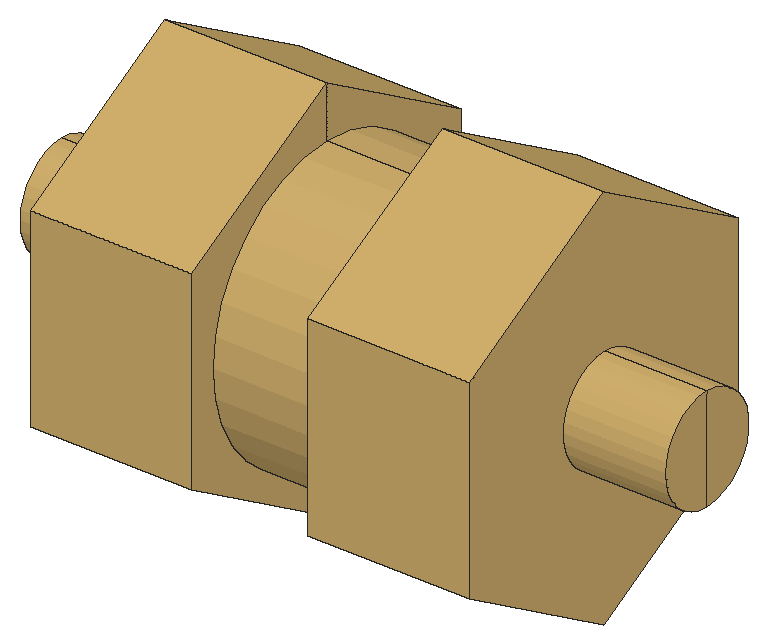
Revit family "Check_Valve-Acorn-Controls-CV_Series", category Pipe Accessories, Revit 2019
Family settings
  Round Connector Dimension = Use Diameter
  Part Type = Normal
  OmniClass Number = 23.65.55.14.17
  OmniClass Title = Adjusting/Controlling Valves for Liquid Services
  Work Plane-Based = No
  Always vertical = Yes
  Cut with Voids When Loaded = No
  Shared = Yes
Parameters (values of type "CV-1AA0")
  Water Supply Pressure = "400psi (27.6bar)"
  URL = "https://www.acorneng.com/acorn-controls-tempering-valves"
  Temperature Range = "180°F (82.2°C)"
  Pressure Rating = "125 PSI (862 kPa)"
  Model = "CV-1AA0"
  Material = "Metal-Mueller_Steam-Bronze"  # constant formula
  Manufacturer = "Acorn Engineering"  # constant formula
  Length A = 1 1/8"
  Flow Coefficient Cv = "5.9"
  Finish = Metal-Acorn-Lead Free
  Length B = 1"
  F-Strainer/Filter Included = no
  Description = "105MAP-FV Cast Iron Globe Check Style Foot Valve Assembly Sizes: 2\" – 24\" (50 – 600mm)"
  Creation Date = "11/04/2022"  # constant formula
  Connection Size = 1/2"
  Connection Radius = Connection Size / 2  # 1/4"
  Connection Outlet Description = "1/2\" Sweat Outlet Connection"
  Connection Inlet Description = "1/2\" Sweat Inlet Connection"
  Length C = 1 5/8"
  Assembly Code = "D2090600"
  Angle Lock = 60.00°
  Adapter E Press Fit = no
  Adapter D CPVC = no
  Adapter C PEX = no
  Adapter B NPTF = no
  Adapter A Sweat = no
  Adapter 0 None = no
  0-No Strainer/Filter Included = no
Types (6): name | Model | Length A | Flow Coefficient Cv | Length B | Connection Size | Connection Radius | Connection Outlet Description | Connection Inlet Description | Length C
  (no name) | "CV-1AA0" | 1 1/8" | "5.9" | 1" | 1/2" | 1/4" | "1/2\" Sweat Outlet Connection" | "1/2\" Sweat Inlet Connection" | 1 5/8"
  CV-1AA0 | "CV-1AA0" | 1 1/8" | "5.9" | 1" | 1/2" | 1/4" | "1/2\" Sweat Outlet Connection" | "1/2\" Sweat Inlet Connection" | 1 5/8"
  CV-2BB0 | "CV-2BB0" | 1 1/8" | "6.1" | 7/8" | 3/4" | 3/8" | "3/4\" NPTF  Outlet Connection" | "3/4\" NPTF Inlet Connection" | 1 5/8"
  CV-3CC0 | "CV-3CC0" | 1 3/8" | "9.8" | 1 1/8" | 1" | 1/2" | "1\" PEX  Outlet Connection" | "1\" PEX Inlet Connection" | 1 7/8"
  CV-4DD0 | "CV-4DD0" | 1 7/8" | "21.0" | 1 1/4" | 1 1/4" | 5/8" | "1 1/4\" CPVC  Outlet Connection" | "1 1/4\" CPVC Inlet Connection" | 2 3/8"
  CV-5EE0 | "CV-5EE0" | 1 7/8" | "25.3" | 2" | 1 1/2" | 3/4" | "1 1/2\" Press Fit Outlet Connection" | "1 1/2\" Press Fit Inlet Connection" | 2 7/8"
Reference planes (in)
  plane 1 "Center (Front/Back)": y = 0
  plane 2: z = 0
  plane 3 "Center (Left/Right)": x = 0
  plane 4: x = -0.5625
  plane 5: x = 0.5625
  plane 6: x = -1.5625
  plane 7: x = 1.5625
  plane 8: y = -0.8125
  plane 9: y = 0.8125
  plane 10: through (0, -0.8125, 0.4691) normal (0, -0.5, 0.866)
  plane 11: through (0, 0, -0.93819) normal (0, -0.5, 0.866)
  plane 12: through (0, 0, 0) normal (0, -0.5, 0.866)
  plane 13: through (0, 0.8125, 0.4691) normal (0, -0.5, -0.866)
  plane 14: through (0, 0, -0.93819) normal (0, -0.5, -0.866)
  plane 15: through (0, 0, 0) normal (0, -0.5, -0.866)
  plane 16: x = 1.0625
  plane 17: x = -1.0625
  plane 18: x = -0.28125
  plane 19: x = 0.28125
Forms (in)
  Extrusion 1, solid, material "Metal-Acorn-Lead Free" <- "Finish"
    sketch origin (0, 0, 0) x (0, 1, 0) y (0, 0, 1)
      loop
        line (-0.8125, -0.4691) -> (0, -0.93819) -> (0.8125, -0.4691) -> (0.8125, 0.4691) -> (0, 0.93819) -> (-0.8125, 0.4691) -> (-0.8125, -0.4691)
    from -1.0625 to 1.0625
  Revolve 2, solid, material "Metal-Acorn-Lead Free" <- "Finish"
    sketch origin (0, 0, 0) x (1, 0, 0) y (0, 0, 1)
      loop
        line (-1.5625, 0) -> (1.5625, 0) -> (1.5625, 0.25) -> (-1.5625, 0.25) -> (-1.5625, 0)
      axis (-1.5625, 0) -> (1.5625, 0)
    angle from 0 to 360
  Revolve 3, void
    sketch origin (0, 0, 0) x (1, 0, 0) y (0, 0, 1)
      loop
        line (-0.28125, 0.93819) -> (-0.28125, 0.68819) -> (0.28125, 0.68819) -> (0.28125, 0.93819) -> (-0.28125, 0.93819)
      axis (-0.28125, 0) -> (0.28125, 0)
    angle from 0 to 360
Cuts and joins
  Revolve 3 cuts Extrusion 1
Dimensions and locks (in)
  equal spacing: plane 5, plane 3 "Center (Left/Right)", plane 4
  "Length A": plane 5 to plane 4
  "Length B": plane 4 to plane 6
  "Length B": plane 5 to plane 7
  equal spacing: plane 8, plane 1 "Center (Front/Back)", plane 9
  "Length C": plane 8 to plane 9
  equal spacing: plane 10, plane 12, plane 11
  "Length C": plane 10 to plane 11
  equal spacing: plane 14, plane 15, plane 13
  "Length C": plane 14 to plane 13
  "Connection Radius": Revolve 2 sketch curve to Revolve 2 sketch curve
  equal spacing: plane 5, plane 16, plane 7
  equal spacing: plane 4, plane 17, plane 6
  equal spacing: plane 3 "Center (Left/Right)", plane 18, plane 4
  equal spacing: plane 5, plane 19, plane 3 "Center (Left/Right)"
  "Connection Radius": Revolve 3 sketch curve to Revolve 3 sketch curve
  "Angle Lock": angle plane 12 to plane 1 "Center (Front/Back)"  (x2)
  "Angle Lock": angle plane 1 "Center (Front/Back)" to plane 15  (x2)
  "Angle Lock": angle plane 15 to plane 12  (x2)
  aligned and locked: Extrusion 1 sketch curve to plane 8
  aligned and locked: Extrusion 1 sketch curve to plane 9
  aligned and locked: Revolve 2 sketch curve to level  (x2)
  aligned and locked: Revolve 2 sketch curve to plane 6
  aligned and locked: Revolve 2 sketch curve to plane 7
  aligned and locked: plane 16 to Extrusion 1
  aligned and locked: Extrusion 1 to plane 17
  aligned and locked: Revolve 3 sketch curve to level
  aligned and locked: Extrusion 1 to Revolve 3 sketch curve
  aligned and locked: plane 19 to Revolve 3 sketch curve
  aligned and locked: Revolve 3 sketch curve to plane 18
Automatic sketch dimensions
  Extrusion 1 sketch curve to plane 1 "Center (Front/Back)" = 0"  (x2)
  Extrusion 1 sketch curve to plane 11 = 0"  (x2)
  Extrusion 1 sketch curve to plane 12 = 0"  (x2)
  Extrusion 1 sketch curve to plane 10 = 0"  (x2)
  Revolve 2 sketch curve to plane 6 = 0.38798"
  Revolve 2 sketch curve to Revolve 2 sketch curve = 0.98702"
  Revolve 3 sketch curve to plane 6 = 1 1/2"
  Revolve 3 sketch curve to plane 7 = 3 7/8"
Connectors (in)
  piping at (1.5625, 0, 0), diameter 0.5, driven by "Connection Size", driven by "Connection Outlet Description"
    settings: on Revolve 2, index 1, connector inside diameter 24", connector length 0", flow factor 0, pipe flow 0 GPM, pressure drop 0.00 psi, fitting loss kfactor 0, connector angle 0.00°, fixture units 0, engagement length 0", angle of deflection 0.00°, flow configuration 0, flow direction 2, fitting loss method 0, system type 29, joint type 0, gender type 0, connector reference index -1, connector utility 0, adjustable connector no, is connector primary yes, connector description "1/2\" Sweat Outlet Connection"
  piping at (-1.5625, 0, 0), diameter 0.5, driven by "Connection Size", driven by "Connection Inlet Description"
    settings: on Revolve 2, index 2, connector inside diameter 24", connector length 0", flow factor 0, pipe flow 0 GPM, pressure drop 0.00 psi, fitting loss kfactor 0, connector angle 0.00°, fixture units 0, engagement length 0", angle of deflection 0.00°, flow configuration 0, flow direction 1, fitting loss method 0, system type 29, joint type 0, gender type 0, connector reference index -1, connector utility 0, adjustable connector no, is connector primary no, connector description "1/2\" Sweat Inlet Connection"
